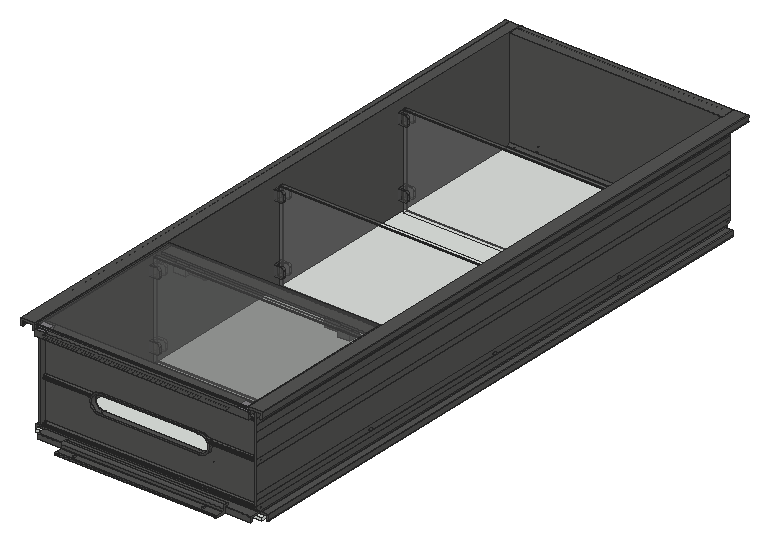
Revit family "Furniture-Shelf-KOHLER-Maxi_Space-K-77217T_1", category Casework, host Face, Revit 2021 (continued)
Definition of nested family "K-77217T"
  Lines and regions (in)
    symbolic lines, detail levels medium+fine
      curve 1: line (5.19685, 0, 5.15354) -> (5.19685, 0, 0.03543)
      curve 2: line (-5.19685, 0, 4.85433) -> (5.19685, 0, 4.85433)
      curve 3: line (-5.19685, 0, 4.83858) -> (5.19685, 0, 4.83858)
      curve 4: line (5.19685, 0, 5.1378) -> (-5.19685, 0, 5.1378)
      curve 5: line (5.19685, 0, 4.48379) -> (-5.19685, 0, 4.48379)
      curve 6: line (5.19685, 0, 4.31574) -> (-5.19685, 0, 4.31574)
      curve 7: line (5.19685, 0, 4.24849) -> (-5.19685, 0, 4.24849)
      curve 8: line (5.19685, 0, 4.23281) -> (-5.19685, 0, 4.23281)
      curve 9: line (5.19685, 0, 4.49948) -> (-5.19685, 0, 4.49948)
      curve 10: line (5.19685, 0, 2.71214) -> (-5.19685, 0, 2.71214)
      curve 11: line (5.19685, 0, 2.72782) -> (-5.19685, 0, 2.72782)
      curve 12: line (5.19685, 0, 2.64509) -> (-5.19685, 0, 2.64509)
      curve 13: line (5.19685, 0, 2.54427) -> (-5.19685, 0, 2.54427)
      curve 14: line (5.19685, 0, 2.47684) -> (-5.19685, 0, 2.47684)
      curve 15: line (5.19685, 0, 2.46115) -> (-5.19685, 0, 2.46115)
      curve 16: line (5.19685, 0, 0.6609) -> (0.7874, 0, 0.6609)
      curve 17: line (0.7874, 0, 0.64521) -> (5.19685, 0, 0.64521)
      curve 18: line (-5.19685, 0, 0.57979) -> (5.19685, 0, 0.57979)
      curve 19: line (5.19685, 0, 0.47778) -> (4.01575, 0, 0.47778)
      curve 20: line (0.7874, 0, 0.40991) -> (2.51969, 0, 0.40991)
      curve 21: line (0.7874, 0, 0.39422) -> (2.51969, 0, 0.39422)
      curve 22: line (5.27723, 0, 0.22441) -> (5.51181, 0, 0.22441)
      curve 23: line (5.2126, 0, 0.20472) -> (5.24803, 0, 0.20472)
      curve 24: arc (5.26196, 0, 0.21287) -> (5.26766, 0, 0.2212) -> (5.27723, 0, 0.22441) r 0.01588
      curve 25: arc (5.24803, 0, 0.20472) -> (5.25663, 0, 0.206) -> (5.26196, 0, 0.21287) r 0.01166
      curve 26: arc (5.19685, 0, 0.22047) -> (5.20146, 0, 0.20934) -> (5.2126, 0, 0.20472) r 0.01575
      curve 27: arc (5.2126, 0, 5.15354) -> (5.20146, 0, 5.14893) -> (5.19685, 0, 5.1378) r 0.01575
      curve 28: line (5.31496, 0, 4.42363) -> (5.31496, 0, 4.30747)
      curve 29: line (5.31496, 0, 1.11714) -> (5.31496, 0, 1.00098)
      curve 30: line (-4.01575, 0, 0.05118) -> (-5.19685, 0, 0.05118)
      curve 31: line (-3.93701, 0, 0.03543) -> (3.93701, 0, 0.03543)
      curve 32: line (4.01575, 0, 0.57979) -> (4.01575, 0, 0.04921)
      curve 33: line (2.51969, 0, 0.57979) -> (2.51969, 0, 0.04921)
      curve 34: line (4.01575, 0, 0.56102) -> (2.51969, 0, 0.56102)
      curve 35: line (2.51969, 0, 0.54952) -> (4.01575, 0, 0.54952)
      curve 36: line (4.01575, 0, 0.19488) -> (2.51969, 0, 0.19488)
      curve 37: line (4.01575, 0, 0.15551) -> (2.51969, 0, 0.15551)
      curve 38: line (2.51969, 0, 0.04921) -> (4.01575, 0, 0.04921)
      curve 39: line (2.51969, 0, 0.28115) -> (4.01575, 0, 0.28115)
      curve 40: line (2.51969, 0, 0.28933) -> (4.01575, 0, 0.28933)
      curve 41: line (4.01575, 0, 0.40991) -> (5.19685, 0, 0.40991)
      curve 42: line (2.51969, 0, 0.47533) -> (-2.51969, 0, 0.47533)
      curve 43: line (0.7874, 0, 0.6609) -> (0.7874, 0, 0.57979)
      curve 44: line (0.7874, 0, 0.47533) -> (0.7874, 0, 0.39422)
      curve 45: line (-5.19685, 0, 5.15354) -> (-5.19685, 0, 0.03543)
      curve 46: line (-5.19685, 0, 0.6609) -> (-0.7874, 0, 0.6609)
      curve 47: line (-0.7874, 0, 0.64521) -> (-5.19685, 0, 0.64521)
      curve 48: line (-5.19685, 0, 0.47778) -> (-4.01575, 0, 0.47778)
      curve 49: line (-0.7874, 0, 0.40991) -> (-2.51969, 0, 0.40991)
      curve 50: line (-0.7874, 0, 0.39422) -> (-2.51969, 0, 0.39422)
      curve 51: line (-5.27723, 0, 0.22441) -> (-5.51181, 0, 0.22441)
      curve 52: line (-5.2126, 0, 0.20472) -> (-5.24803, 0, 0.20472)
      curve 53: line (-5.31496, 0, 4.42363) -> (-5.31496, 0, 4.30747)
      curve 54: line (-5.31496, 0, 1.11714) -> (-5.31496, 0, 1.00098)
      curve 55: line (-4.01575, 0, 0.57979) -> (-4.01575, 0, 0.04921)
      curve 56: line (-2.51969, 0, 0.57979) -> (-2.51969, 0, 0.04921)
      curve 57: line (-4.01575, 0, 0.56102) -> (-2.51969, 0, 0.56102)
      curve 58: line (-2.51969, 0, 0.54952) -> (-4.01575, 0, 0.54952)
      curve 59: line (-4.01575, 0, 0.19488) -> (-2.51969, 0, 0.19488)
      curve 60: line (-4.01575, 0, 0.15551) -> (-2.51969, 0, 0.15551)
      curve 61: line (-2.51969, 0, 0.04921) -> (-4.01575, 0, 0.04921)
      curve 62: line (-2.51969, 0, 0.28115) -> (-4.01575, 0, 0.28115)
      curve 63: line (-2.51969, 0, 0.28933) -> (-4.01575, 0, 0.28933)
      curve 64: line (-4.01575, 0, 0.40991) -> (-5.19685, 0, 0.40991)
      curve 65: line (-0.7874, 0, 0.6609) -> (-0.7874, 0, 0.57979)
      curve 66: line (-0.7874, 0, 0.47533) -> (-0.7874, 0, 0.39422)
      curve 67: arc (-5.26417, 0, 0.21643) -> (-5.26958, 0, 0.22226) -> (-5.27723, 0, 0.22441) r 0.01468
      curve 68: arc (-5.24803, 0, 0.20472) -> (-5.2575, 0, 0.20865) -> (-5.26417, 0, 0.21643) r 0.02206
      curve 69: arc (-5.19685, 0, 0.22047) -> (-5.20146, 0, 0.20934) -> (-5.2126, 0, 0.20472) r 0.01575
      curve 70: line (5.31496, 0, 0.40945) -> (5.19685, 0, 0.40945)
      curve 71: line (-5.19685, 0, 0.39422) -> (-4.01575, 0, 0.39422)
      curve 72: line (-4.01575, 0, 0.30709) -> (-5.19685, 0, 0.30709)
      curve 73: line (-5.19685, 0, 0.29134) -> (-4.01575, 0, 0.29134)
      curve 74: line (-4.01575, 0, 0.23228) -> (-5.19685, 0, 0.23228)
      curve 75: line (-2.51969, 0, 0.05118) -> (2.51969, 0, 0.05118)
      curve 76: line (4.01575, 0, 0.05118) -> (5.19685, 0, 0.05118)
      curve 77: line (5.19685, 0, 4.41636) -> (-5.19685, 0, 4.41636)
      curve 78: line (-5.37479, 0, 4.42363) -> (-5.37479, 0, 4.30747)
      curve 79: line (-5.37479, 0, 1.11714) -> (-5.37479, 0, 1.00098)
      curve 80: line (5.37479, 0, 4.42363) -> (5.37479, 0, 4.30747)
      curve 81: line (5.37479, 0, 1.11714) -> (5.37479, 0, 1.00098)
      curve 82: arc (-5.2126, 0, 5.15354) -> (-5.20146, 0, 5.14893) -> (-5.19685, 0, 5.1378) r 0.01575
      curve 83: line (0, 14.76378, 5.1378) -> (0, -14.76378, 5.1378)
      curve 84: line (0, 14.76378, 4.85433) -> (0, -14.76378, 4.85433)
      curve 85: line (0, 14.37795, 4.50984) -> (0, -14.37795, 4.50984)
      curve 86: line (0, -14.37795, 4.49409) -> (0, 14.37795, 4.49409)
      curve 87: line (0, -14.37795, 4.23819) -> (0, 14.37795, 4.23819)
      curve 88: line (0, -14.37795, 4.22244) -> (0, 14.37795, 4.22244)
      curve 89: line (0, -7.61844, 4.37795) -> (0, -14.11115, 4.37795)
      curve 90: line (0, -14.11131, 4.35433) -> (0, -7.6185, 4.35433)
      curve 91: line (0, -14.11024, 4.36614) -> (0, -7.61965, 4.36614)
      curve 92: line (0, -14.25148, 4.37795) -> (0, -14.37795, 4.37795)
      curve 93: line (0, -14.25253, 4.36614) -> (0, -14.37795, 4.36614)
      curve 94: line (0, -14.37795, 4.35433) -> (0, -14.2516, 4.35433)
      curve 95: arc (0, -14.24221, 4.40211) -> (0, -14.11023, 4.3666) -> (0, -14.24221, 4.33108) r 0.07077
      curve 96: line (0, -14.37795, 3.90945) -> (0, 14.37795, 3.90945)
      curve 97: line (0, -14.37795, 3.8937) -> (0, 14.37795, 3.8937)
      curve 98: line (0, -9.16217, 3.70866) -> (0, -14.37795, 3.70866)
      curve 99: line (0, -14.37795, 3.68504) -> (0, -9.16213, 3.68504)
      curve 100: line (0, -14.37795, 3.69685) -> (0, -9.1628, 3.69685)
      curve 101: line (0, 14.37795, 3.5) -> (0, -14.37795, 3.5)
      curve 102: line (0, -14.37795, 3.48425) -> (0, 14.37795, 3.48425)
      curve 103: line (0, -14.37795, 2.73819) -> (0, 14.37795, 2.73819)
      curve 104: line (0, -14.37795, 2.72244) -> (0, 14.37795, 2.72244)
      curve 105: line (0, -14.25153, 2.6063) -> (0, -14.37795, 2.6063)
      curve 106: line (0, -14.25253, 2.59449) -> (0, -14.37795, 2.59449)
      curve 107: line (0, -14.37795, 2.58268) -> (0, -14.25155, 2.58268)
      curve 108: line (0, 14.11124, 2.6063) -> (0, -14.11124, 2.6063)
      curve 109: line (0, -14.11024, 2.59449) -> (0, 14.11024, 2.59449)
      curve 110: line (0, -14.11121, 2.58268) -> (0, 14.11121, 2.58268)
      curve 111: line (0, -14.37795, 2.46654) -> (0, 14.37795, 2.46654)
      curve 112: line (0, -14.37795, 2.45079) -> (0, 14.37795, 2.45079)
      curve 113: line (0, -14.37795, 1.20276) -> (0, 14.37795, 1.20276)
      curve 114: line (0, -14.37795, 1.18701) -> (0, 14.37795, 1.18701)
      curve 115: line (0, -7.61849, 1.07087) -> (0, -14.37795, 1.07087)
      curve 116: line (0, -7.61965, 1.05906) -> (0, -14.37795, 1.05906)
      curve 117: line (0, -14.37795, 1.04724) -> (0, -7.61845, 1.04724)
      curve 118: line (0, -14.37795, 0.91535) -> (0, 14.37795, 0.91535)
      curve 119: line (0, 14.37795, 0.65551) -> (0, -14.37795, 0.65551)
      curve 120: line (0, -14.25128, 0.53937) -> (0, -14.36623, 0.53937)
      curve 121: line (0, -14.25251, 0.52756) -> (0, -14.36152, 0.52756)
      curve 122: line (0, -14.35589, 0.51575) -> (0, -14.25178, 0.51575)
      curve 123: line (0, 14.11149, 0.53937) -> (0, -14.11073, 0.53937)
      curve 124: line (0, 14.11025, 0.52756) -> (0, -14.11024, 0.52756)
      curve 125: line (0, -14.11082, 0.51575) -> (0, 14.11099, 0.51575)
      curve 126: line (0, -14.14892, 0.39961) -> (0, 14.15036, 0.39961)
      curve 127: line (0, 14.12205, 0.33858) -> (0, -14.12205, 0.33858)
      curve 128: line (0, 14.12205, 0.32283) -> (0, -14.12205, 0.32283)
      curve 129: line (0, 14.12205, 0.30709) -> (0, -14.12205, 0.30709)
      curve 130: line (0, -14.12205, 0.1063) -> (0, -14.12205, 0.35039)
      curve 131: line (0, -14.34252, 0.22441) -> (0, -14.12205, 0.22441)
      curve 132: line (0, -14.6063, 0.10651) -> (0, -14.6063, 0.29134)
      curve 133: line (0, -14.42126, 0.29134) -> (0, -14.6063, 0.29134)
      curve 134: line (0, -14.12205, 0.05118) -> (0, 14.12205, 0.05118)
      curve 135: line (0, -5.09741, 4.37795) -> (0, -7.5009, 4.37795)
      curve 136: line (0, -5.09845, 4.36614) -> (0, -7.4997, 4.36614)
      curve 137: line (0, -7.50085, 4.35433) -> (0, -5.0971, 4.35433)
      curve 138: circle (0, -7.55967, 4.36601) r 0.05997 normal (-1, 0, 0)
      curve 139: circle (0, -7.55967, 4.36604) r 0.04178 normal (-1, 0, 0)
      curve 140: circle (0, 0, 4.36601) r 0.05997 normal (-1, 0, 0)
      curve 141: circle (0, 0, 4.36604) r 0.04178 normal (-1, 0, 0)
      curve 142: circle (0, 7.55967, 4.36601) r 0.05997 normal (1, 0, 0)
      curve 143: circle (0, 7.55967, 4.36604) r 0.04178 normal (1, 0, 0)
      curve 144: circle (0, 7.55967, 1.05916) r 0.05997 normal (1, 0, 0)
      curve 145: circle (0, 7.55967, 1.0592) r 0.04178 normal (1, 0, 0)
      curve 146: circle (0, -7.55967, 1.05916) r 0.05997 normal (-1, 0, 0)
      curve 147: circle (0, -7.55967, 1.0592) r 0.04178 normal (-1, 0, 0)
      curve 148: circle (0, 0, 1.05916) r 0.05997 normal (1, 0, 0)
      curve 149: circle (0, 0, 1.0592) r 0.04178 normal (1, 0, 0)
      curve 150: line (0, -14.76378, 4.83858) -> (0, 14.76378, 4.83858)
      curve 151: line (0, 14.25148, 4.37795) -> (0, 14.37795, 4.37795)
      curve 152: line (0, 14.25253, 4.36614) -> (0, 14.37795, 4.36614)
      curve 153: line (0, 14.2516, 4.35433) -> (0, 14.37795, 4.35433)
      curve 154: line (0, 14.11129, 4.37795) -> (0, 7.61692, 4.37795)
      curve 155: line (0, 7.61811, 4.36614) -> (0, 14.11024, 4.36614)
      curve 156: line (0, 7.61692, 4.35433) -> (0, 14.11116, 4.35433)
      curve 157: line (0, 14.25153, 2.6063) -> (0, 14.37795, 2.6063)
      curve 158: line (0, 14.25253, 2.59449) -> (0, 14.37795, 2.59449)
      curve 159: line (0, 14.25155, 2.58268) -> (0, 14.37795, 2.58268)
      curve 160: arc (0, 14.22981, 2.64654) -> (0, 14.11024, 2.59442) -> (0, 14.22981, 2.54229) r 0.07115
      curve 161: arc (0, 14.22981, 0.47396) -> (0, 14.11024, 0.52608) -> (0, 14.22981, 0.5782) r 0.07115
      curve 162: line (0, 14.12205, 0.35039) -> (0, 14.12205, 0.22441)
      curve 163: arc (0, 14.16435, 0.40541) -> (0, 14.13385, 0.38509) -> (0, 14.12205, 0.35039) r 0.05693
      curve 164: arc (0, 14.36149, 0.52756) -> (0, 14.32487, 0.47254) -> (0, 14.27264, 0.43204) r 0.20488
      curve 165: line (0, 14.36623, 0.53937) -> (0, 14.25088, 0.53937)
      curve 166: line (0, 14.25197, 0.52756) -> (0, 14.36149, 0.52756)
      curve 167: line (0, 14.25139, 0.51575) -> (0, 14.35589, 0.51575)
      curve 168: line (0, 14.36417, 0.2328) -> (0, 14.36417, 0.04921)
      curve 169: line (0, 7.61692, 1.07087) -> (0, 14.37795, 1.07087)
      curve 170: line (0, 7.61692, 1.04724) -> (0, 14.37795, 1.04724)
      curve 171: line (0, 7.61811, 1.05906) -> (0, 14.37795, 1.05906)
      curve 172: line (0, 7.50119, 1.07087) -> (0, 5.09718, 1.07087)
      curve 173: line (0, 5.09845, 1.05906) -> (0, 7.5, 1.05906)
      curve 174: line (0, 5.09733, 1.04724) -> (0, 7.50119, 1.04724)
      curve 175: line (0, 4.982, 1.07087) -> (0, 2.57729, 1.07087)
      curve 176: line (0, 2.57857, 1.05906) -> (0, 4.98072, 1.05906)
      curve 177: line (0, 2.57745, 1.04724) -> (0, 4.98184, 1.04724)
      curve 178: line (0, 2.46211, 1.07087) -> (0, 0.05786, 1.07087)
      curve 179: line (0, 0.05906, 1.05906) -> (0, 2.46083, 1.05906)
      curve 180: line (0, 0.05786, 1.04724) -> (0, 2.46196, 1.04724)
      curve 181: line (0, -0.05786, 1.07087) -> (0, -2.46211, 1.07087)
      curve 182: line (0, -2.46083, 1.05906) -> (0, -0.05906, 1.05906)
      curve 183: line (0, -2.46196, 1.04724) -> (0, -0.05786, 1.04724)
      curve 184: line (0, -2.57729, 1.07087) -> (0, -4.982, 1.07087)
      curve 185: line (0, -4.98072, 1.05906) -> (0, -2.57857, 1.05906)
      curve 186: line (0, -4.98184, 1.04724) -> (0, -2.57745, 1.04724)
      curve 187: line (0, -5.09718, 1.07087) -> (0, -7.50119, 1.07087)
      curve 188: line (0, -7.5, 1.05906) -> (0, -5.09845, 1.05906)
      curve 189: line (0, -7.50119, 1.04724) -> (0, -5.09733, 1.04724)
      curve 190: line (0, 8.94684, 3.70866) -> (0, -8.94684, 3.70866)
      curve 191: line (0, 8.94621, 3.69685) -> (0, -8.94621, 3.69685)
      curve 192: line (0, -8.94687, 3.68504) -> (0, 8.94687, 3.68504)
      curve 193: line (0, 14.37795, 3.70866) -> (0, 9.16217, 3.70866)
      curve 194: line (0, 9.16213, 3.68504) -> (0, 14.37795, 3.68504)
      curve 195: line (0, 9.1628, 3.69685) -> (0, 14.37795, 3.69685)
      curve 196: line (0, 14.37795, 0.9311) -> (0, -14.37795, 0.9311)
      curve 197: arc (0, -14.12205, 0.35039) -> (0, -14.13054, 0.38074) -> (0, -14.15354, 0.40228) r 0.05849
      curve 198: arc (0, -14.42126, 0.30315) -> (0, -14.42472, 0.2948) -> (0, -14.43307, 0.29134) r 0.01181
      curve 199: line (0, -14.79823, 5.02782) -> (0, -14.76378, 5.02782)
      curve 200: line (0, -14.76378, 4.93318) -> (0, -14.76378, 5.15354)
      curve 201: line (0, -14.77767, 5.02782) -> (0, -14.79823, 5.05148)
      curve 202: arc (0, -14.79019, 5.04223) -> (0, -14.77833, 5.05264) -> (0, -14.76378, 5.05873) r 0.04888
      curve 203: arc (0, -14.78872, 5.13576) -> (0, -14.77814, 5.1214) -> (0, -14.76378, 5.11082) r 0.05936
      curve 204: line (0, 7.50119, 4.37795) -> (0, 5.09741, 4.37795)
      curve 205: line (0, 5.09845, 4.36614) -> (0, 7.5, 4.36614)
      curve 206: line (0, 5.0971, 4.35433) -> (0, 7.50119, 4.35433)
      curve 207: line (0, 4.98177, 4.37795) -> (0, 2.57752, 4.37795)
      curve 208: line (0, 2.57856, 4.36614) -> (0, 4.98073, 4.36614)
      curve 209: line (0, 2.57721, 4.35433) -> (0, 4.98208, 4.35433)
      curve 210: line (0, 2.46188, 4.37795) -> (0, 0.05786, 4.37795)
      curve 211: line (0, 0.05906, 4.36614) -> (0, 2.46084, 4.36614)
      curve 212: line (0, 0.05786, 4.35433) -> (0, 2.46219, 4.35433)
      curve 213: line (0, -0.05786, 4.37795) -> (0, -2.46188, 4.37795)
      curve 214: line (0, -2.46084, 4.36614) -> (0, -0.05906, 4.36614)
      curve 215: line (0, -2.46219, 4.35433) -> (0, -0.05786, 4.35433)
      curve 216: line (0, -2.57752, 4.37795) -> (0, -4.98177, 4.37795)
      curve 217: line (0, -4.98073, 4.36614) -> (0, -2.57856, 4.36614)
      curve 218: line (0, -4.98208, 4.35433) -> (0, -2.57721, 4.35433)
      curve 219: line (0, -14.37795, 4.80379) -> (0, -14.37795, 4.83858)
      curve 220: line (0, 14.3622, 0.24393) -> (0, 14.3622, 0.05118)
      curve 221: arc (0, 14.3622, 0.05118) -> (0, 14.36135, 0.04694) -> (0, 14.35893, 0.04335) r 0.01099
      curve 222: arc (0, -14.24653, 2.62302) -> (0, -14.11025, 2.59564) -> (0, -14.24551, 2.56359) r 0.07115
      curve 223: line (2.51969, 14.76378, 0) -> (4.01575, 14.76378, 0)
      curve 224: line (5.19685, 14.74803, 0) -> (-5.19685, 14.74803, 0)
      curve 225: line (5.2126, -14.76378, 0) -> (5.2126, 14.76378, 0)
      curve 226: line (5.19685, 14.07087, 0) -> (-5.19685, 14.07087, 0)
      curve 227: line (-5.19685, 13.77953, 0) -> (5.19685, 13.77953, 0)
      curve 228: line (5.19685, 13.83858, 0) -> (-5.19685, 13.83858, 0)
      curve 229: line (5.19685, 13.93701, 0) -> (-5.19685, 13.93701, 0)
      curve 230: line (-5.2126, 14.76378, 0) -> (-5.2126, -14.76378, 0)
      curve 231: line (-3.07337, -14.88976, 0) -> (3.07337, -14.88976, 0)
      curve 232: line (3.07087, -14.90945, 0) -> (-3.07087, -14.90945, 0)
      curve 233: line (3.07337, -14.92913, 0) -> (-3.07337, -14.92913, 0)
      curve 234: line (3.22585, -14.88976, 0) -> (3.93701, -14.88976, 0)
      curve 235: line (3.93701, -14.90945, 0) -> (3.22835, -14.90945, 0)
      curve 236: line (3.93701, -14.92913, 0) -> (3.22585, -14.92913, 0)
      curve 237: line (-5.10884, -6.68554, 0) -> (-5.10884, -14.75886, 0)
      curve 238: line (-5.08915, -6.66831, 0) -> (-5.08915, -14.77854, 0)
      curve 239: line (-5.08915, -14.77854, 0) -> (5.18644, -14.77854, 0)
      curve 240: line (-3.93701, -14.88976, 0) -> (-3.22585, -14.88976, 0)
      curve 241: line (-3.22835, -14.90945, 0) -> (-3.93701, -14.90945, 0)
      curve 242: line (-3.93701, -14.92913, 0) -> (-3.22585, -14.92913, 0)
      curve 243: line (-3.93701, -14.79823, 0) -> (3.93701, -14.79823, 0)
      curve 244: arc (-5.10884, -14.75886, 0) -> (-5.09731, -14.7867, 0) -> (-5.06947, -14.79823, 0) r 0.03937
      curve 245: line (5.18644, -14.77854, 0) -> (5.18644, -6.66831, 0)
      curve 246: arc (5.2057, -14.76378, 0) -> (5.19275, -14.78838, 0) -> (5.16675, -14.79823, 0) r 0.03924
      curve 247: line (5.88976, -14.76378, 0) -> (5.88976, 14.76378, 0)
      curve 248: line (4.99405, 7.67028, 0) -> (-4.98282, 7.67028, 0)
      curve 249: line (-5.01407, 7.63903, 0) -> (5.0253, 7.63903, 0)
      curve 250: line (-5.01407, 7.63903, 0) -> (-5.01407, 7.46531, 0)
      curve 251: line (-4.98282, 7.67028, 0) -> (-5.01407, 7.63903, 0)
      curve 252: line (-5.01407, 7.46531, 0) -> (-4.98282, 7.43406, 0)
      curve 253: line (-5.06577, 7.43406, 0) -> (5.05759, 7.43406, 0)
      curve 254: line (-4.79302, 7.68406, 0) -> (-5.06385, 7.68406, 0)
      curve 255: line (-5.08435, 7.66355, 0) -> (-5.08435, 7.45263, 0)
      curve 256: arc (-5.06385, 7.68406, 0) -> (-5.07834, 7.67805, 0) -> (-5.08435, 7.66355, 0) r 0.0205
      curve 257: arc (-5.08435, 7.45263, 0) -> (-5.07891, 7.4395, 0) -> (-5.06577, 7.43406, 0) r 0.01858
      curve 258: line (-5.06935, 7.69906, 0) -> (-4.79036, 7.69906, 0)
      curve 259: line (-5.09935, 7.44906, 0) -> (-5.09935, 7.66906, 0)
      curve 260: line (-4.79556, 7.41906, 0) -> (-5.06935, 7.41906, 0)
      curve 261: arc (-5.09935, 7.66906, 0) -> (-5.09056, 7.69027, 0) -> (-5.06935, 7.69906, 0) r 0.03
      curve 262: arc (-5.06935, 7.41906, 0) -> (-5.09056, 7.42784, 0) -> (-5.09935, 7.44906, 0) r 0.03
      curve 263: line (-4.71223, 7.80906, 0) -> (-5.18185, 7.80906, 0)
      curve 264: line (-4.69685, 7.79406, 0) -> (-5.19685, 7.79406, 0)
      curve 265: line (-4.69685, 7.69705, 0) -> (-4.69685, 7.79367, 0)
      curve 266: arc (-4.69685, 7.79367, 0) -> (-4.70136, 7.80455, 0) -> (-4.71223, 7.80906, 0) r 0.01538
      curve 267: line (-4.82185, 7.68406, 0) -> (-4.82185, 7.80906, 0)
      curve 268: arc (-4.79302, 7.68406, 0) -> (-4.75185, 7.67369, 0) -> (-4.70975, 7.67921, 0) r 0.1133
      curve 269: arc (-4.70975, 7.67921, 0) -> (-4.70041, 7.68604, 0) -> (-4.69685, 7.69705, 0) r 0.01879
      curve 270: arc (-5.18185, 7.80906, 0) -> (-5.19246, 7.80466, 0) -> (-5.19685, 7.79406, 0) r 0.015
      curve 271: line (-5.18185, 7.80906, 0) -> (-5.18185, 7.30906, 0)
      curve 272: line (-5.19685, 7.32406, 0) -> (-4.69685, 7.32406, 0)
      curve 273: line (-4.69685, 7.42078, 0) -> (-4.69685, 7.32417, 0)
      curve 274: line (-4.82185, 7.43406, 0) -> (-4.82185, 7.30906, 0)
      curve 275: arc (-4.79556, 7.41906, 0) -> (-4.74631, 7.43083, 0) -> (-4.69685, 7.41996, 0) r 0.1133
      curve 276: line (-5.18185, 7.30906, 0) -> (-4.71197, 7.30906, 0)
      curve 277: arc (-4.69685, 7.32417, 0) -> (-4.70128, 7.31348, 0) -> (-4.71197, 7.30906, 0) r 0.01512
      curve 278: arc (-4.69685, 7.42078, 0) -> (-4.70173, 7.43117, 0) -> (-4.71284, 7.43406, 0) r 0.0135
      curve 279: line (-5.19685, -14.05512, 0) -> (-5.10884, -14.05512, 0)
      curve 280: line (5.16675, -6.64862, 0) -> (-5.07192, -6.64862, 0)
      curve 281: line (5.18644, -6.66831, 0) -> (-5.08915, -6.66831, 0)
      curve 282: arc (-5.07192, -6.64862, 0) -> (-5.09803, -6.65944, 0) -> (-5.10884, -6.68554, 0) r 0.03692
      curve 283: arc (5.19685, -6.66327, 0) -> (5.18349, -6.65248, 0) -> (5.16675, -6.64862, 0) r 0.03824
      curve 284: line (-5.01407, 7.46531, 0) -> (5.0253, 7.46531, 0)
      curve 285: line (-5.19685, -14.76378, 0) -> (-5.19685, 14.76378, 0)
      curve 286: line (5.19685, 14.76378, 0) -> (5.19685, -14.76378, 0)
      curve 287: line (-4.01575, 14.76378, 0) -> (-2.51969, 14.76378, 0)
      curve 288: arc (-5.19685, 7.32406, 0) -> (-5.19246, 7.31345, 0) -> (-5.18185, 7.30906, 0) r 0.015
      curve 289: arc (-4.79036, 7.69906, 0) -> (-4.7438, 7.68883, 0) -> (-4.69685, 7.69705, 0) r 0.12319
      curve 290: line (4.79302, 7.68406, 0) -> (5.06385, 7.68406, 0)
      curve 291: line (5.08435, 7.66355, 0) -> (5.08435, 7.46081, 0)
      curve 292: arc (5.06385, 7.68406, 0) -> (5.07834, 7.67805, 0) -> (5.08435, 7.66355, 0) r 0.0205
      curve 293: line (5.06935, 7.69906, 0) -> (4.79036, 7.69906, 0)
      curve 294: line (5.09935, 7.44906, 0) -> (5.09935, 7.66906, 0)
      curve 295: line (4.79556, 7.41906, 0) -> (5.06935, 7.41906, 0)
      curve 296: arc (5.09935, 7.66906, 0) -> (5.09056, 7.69027, 0) -> (5.06935, 7.69906, 0) r 0.03
      curve 297: arc (5.06935, 7.41906, 0) -> (5.09056, 7.42784, 0) -> (5.09935, 7.44906, 0) r 0.03
      curve 298: line (4.71223, 7.80906, 0) -> (5.18185, 7.80906, 0)
      curve 299: line (4.69685, 7.79406, 0) -> (5.19685, 7.79406, 0)
      curve 300: line (4.69685, 7.69705, 0) -> (4.69685, 7.79406, 0)
      curve 301: line (4.82185, 7.68406, 0) -> (4.82185, 7.80906, 0)
      curve 302: arc (4.79302, 7.68406, 0) -> (4.75185, 7.67369, 0) -> (4.70975, 7.67921, 0) r 0.1133
      curve 303: arc (5.18185, 7.80906, 0) -> (5.19246, 7.80466, 0) -> (5.19685, 7.79406, 0) r 0.015
      curve 304: line (5.18185, 7.80906, 0) -> (5.18185, 7.30906, 0)
      curve 305: line (5.19685, 7.32406, 0) -> (4.69685, 7.32406, 0)
      curve 306: line (4.69685, 7.42078, 0) -> (4.69685, 7.32406, 0)
      curve 307: line (4.82185, 7.43406, 0) -> (4.82185, 7.30906, 0)
      curve 308: arc (4.79556, 7.41906, 0) -> (4.74631, 7.43083, 0) -> (4.69685, 7.41996, 0) r 0.1133
      curve 309: line (5.18185, 7.30906, 0) -> (4.71197, 7.30906, 0)
      curve 310: arc (4.69685, 7.42078, 0) -> (4.70173, 7.43117, 0) -> (4.71284, 7.43406, 0) r 0.0135
      curve 311: arc (5.19685, 7.32406, 0) -> (5.19246, 7.31345, 0) -> (5.18185, 7.30906, 0) r 0.015
      curve 312: arc (4.79036, 7.69906, 0) -> (4.7438, 7.68883, 0) -> (4.69685, 7.69705, 0) r 0.12319
      curve 313: line (5.18644, -14.76378, 0) -> (5.21923, -14.76378, 0)
      curve 314: arc (4.69685, 7.79406, 0) -> (4.70149, 7.80468, 0) -> (4.71223, 7.80906, 0) r 0.01539
      curve 315: arc (4.70975, 7.67921, 0) -> (4.70041, 7.68604, 0) -> (4.69685, 7.69705, 0) r 0.01879
      curve 316: arc (4.71197, 7.30906, 0) -> (4.70132, 7.31344, 0) -> (4.69685, 7.32406, 0) r 0.01512
      curve 317: line (4.99405, 7.67028, 0) -> (5.0253, 7.63903, 0)
      curve 318: line (5.0253, 7.63903, 0) -> (5.0253, 7.46531, 0)
      curve 319: line (4.99405, 7.43406, 0) -> (5.0253, 7.46531, 0)
      curve 320: arc (5.08435, 7.46081, 0) -> (5.07651, 7.44189, 0) -> (5.05759, 7.43406, 0) r 0.02676
      curve 321: line (4.99405, 0.11122, 0) -> (-4.98282, 0.11122, 0)
      curve 322: line (-5.01407, 0.07997, 0) -> (5.0253, 0.07997, 0)
      curve 323: line (-5.01407, 0.07997, 0) -> (-5.01407, -0.09375, 0)
      curve 324: line (-4.98282, 0.11122, 0) -> (-5.01407, 0.07997, 0)
      curve 325: line (-5.01407, -0.09375, 0) -> (-4.98282, -0.125, 0)
      curve 326: line (-5.06577, -0.125, 0) -> (5.05759, -0.125, 0)
      curve 327: line (-4.79302, 0.125, 0) -> (-5.06385, 0.125, 0)
      curve 328: line (-5.08435, 0.1045, 0) -> (-5.08435, -0.10642, 0)
      curve 329: arc (-5.06385, 0.125, 0) -> (-5.07834, 0.11899, 0) -> (-5.08435, 0.1045, 0) r 0.0205
      curve 330: arc (-5.08435, -0.10642, 0) -> (-5.07891, -0.11956, 0) -> (-5.06577, -0.125, 0) r 0.01858
      curve 331: line (-5.06935, 0.14, 0) -> (-4.79036, 0.14, 0)
      curve 332: line (-5.09935, -0.11, 0) -> (-5.09935, 0.11, 0)
      curve 333: line (-4.79556, -0.14, 0) -> (-5.06935, -0.14, 0)
      curve 334: arc (-5.09935, 0.11, 0) -> (-5.09056, 0.13121, 0) -> (-5.06935, 0.14, 0) r 0.03
      curve 335: arc (-5.06935, -0.14, 0) -> (-5.09056, -0.13121, 0) -> (-5.09935, -0.11, 0) r 0.03
      curve 336: line (-4.71223, 0.25, 0) -> (-5.18185, 0.25, 0)
      curve 337: line (-4.69685, 0.235, 0) -> (-5.19685, 0.235, 0)
      curve 338: line (-4.69685, 0.138, 0) -> (-4.69685, 0.23462, 0)
      curve 339: arc (-4.69685, 0.23462, 0) -> (-4.70136, 0.24549, 0) -> (-4.71223, 0.25, 0) r 0.01538
      curve 340: line (-4.82185, 0.125, 0) -> (-4.82185, 0.25, 0)
      curve 341: arc (-4.79302, 0.125, 0) -> (-4.75185, 0.11464, 0) -> (-4.70975, 0.12016, 0) r 0.1133
      curve 342: arc (-4.70975, 0.12016, 0) -> (-4.70041, 0.12699, 0) -> (-4.69685, 0.138, 0) r 0.01879
      curve 343: arc (-5.18185, 0.25, 0) -> (-5.19246, 0.24561, 0) -> (-5.19685, 0.235, 0) r 0.015
      curve 344: line (-5.18185, 0.25, 0) -> (-5.18185, -0.25, 0)
      curve 345: line (-5.19685, -0.235, 0) -> (-4.69685, -0.235, 0)
      curve 346: line (-4.69685, -0.13827, 0) -> (-4.69685, -0.23488, 0)
      curve 347: line (-4.82185, -0.125, 0) -> (-4.82185, -0.25, 0)
      curve 348: arc (-4.79556, -0.14, 0) -> (-4.74631, -0.12823, 0) -> (-4.69685, -0.13909, 0) r 0.1133
      curve 349: line (-5.18185, -0.25, 0) -> (-4.71197, -0.25, 0)
      curve 350: arc (-4.69685, -0.23488, 0) -> (-4.70128, -0.24557, 0) -> (-4.71197, -0.25, 0) r 0.01512
      curve 351: arc (-4.69685, -0.13827, 0) -> (-4.70173, -0.12788, 0) -> (-4.71284, -0.125, 0) r 0.0135
      curve 352: line (-5.01407, -0.09375, 0) -> (5.0253, -0.09375, 0)
      curve 353: arc (-5.19685, -0.235, 0) -> (-5.19246, -0.24561, 0) -> (-5.18185, -0.25, 0) r 0.015
      curve 354: arc (-4.79036, 0.14, 0) -> (-4.7438, 0.12978, 0) -> (-4.69685, 0.138, 0) r 0.12319
      curve 355: line (4.79302, 0.125, 0) -> (5.06385, 0.125, 0)
      curve 356: line (5.08435, 0.1045, 0) -> (5.08435, -0.09824, 0)
      curve 357: arc (5.06385, 0.125, 0) -> (5.07834, 0.11899, 0) -> (5.08435, 0.1045, 0) r 0.0205
      curve 358: line (5.06935, 0.14, 0) -> (4.79036, 0.14, 0)
      curve 359: line (5.09935, -0.11, 0) -> (5.09935, 0.11, 0)
      curve 360: line (4.79556, -0.14, 0) -> (5.06935, -0.14, 0)
      curve 361: arc (5.09935, 0.11, 0) -> (5.09056, 0.13121, 0) -> (5.06935, 0.14, 0) r 0.03
      curve 362: arc (5.06935, -0.14, 0) -> (5.09056, -0.13121, 0) -> (5.09935, -0.11, 0) r 0.03
      curve 363: line (4.71223, 0.25, 0) -> (5.18185, 0.25, 0)
      curve 364: line (4.69685, 0.235, 0) -> (5.19685, 0.235, 0)
      curve 365: line (4.69685, 0.138, 0) -> (4.69685, 0.235, 0)
      curve 366: line (4.82185, 0.125, 0) -> (4.82185, 0.25, 0)
      curve 367: arc (4.79302, 0.125, 0) -> (4.75185, 0.11464, 0) -> (4.70975, 0.12016, 0) r 0.1133
      curve 368: arc (5.18185, 0.25, 0) -> (5.19246, 0.24561, 0) -> (5.19685, 0.235, 0) r 0.015
      curve 369: line (5.18185, 0.25, 0) -> (5.18185, -0.25, 0)
      curve 370: line (5.19685, -0.235, 0) -> (4.69685, -0.235, 0)
      curve 371: line (4.69685, -0.13827, 0) -> (4.69685, -0.235, 0)
      curve 372: line (4.82185, -0.125, 0) -> (4.82185, -0.25, 0)
      curve 373: arc (4.79556, -0.14, 0) -> (4.74631, -0.12823, 0) -> (4.69685, -0.13909, 0) r 0.1133
      curve 374: line (5.18185, -0.25, 0) -> (4.71197, -0.25, 0)
      curve 375: arc (4.69685, -0.13827, 0) -> (4.70173, -0.12788, 0) -> (4.71284, -0.125, 0) r 0.0135
      curve 376: arc (5.19685, -0.235, 0) -> (5.19246, -0.24561, 0) -> (5.18185, -0.25, 0) r 0.015
      curve 377: arc (4.79036, 0.14, 0) -> (4.7438, 0.12978, 0) -> (4.69685, 0.138, 0) r 0.12319
      curve 378: arc (4.69685, 0.235, 0) -> (4.70149, 0.24563, 0) -> (4.71223, 0.25, 0) r 0.01539
      curve 379: arc (4.70975, 0.12016, 0) -> (4.70041, 0.12699, 0) -> (4.69685, 0.138, 0) r 0.01879
      curve 380: arc (4.71197, -0.25, 0) -> (4.70132, -0.24561, 0) -> (4.69685, -0.235, 0) r 0.01512
      curve 381: line (4.99405, 0.11122, 0) -> (5.0253, 0.07997, 0)
      curve 382: line (5.0253, 0.07997, 0) -> (5.0253, -0.09375, 0)
      curve 383: line (4.99405, -0.125, 0) -> (5.0253, -0.09375, 0)
      curve 384: arc (5.08435, -0.09824, 0) -> (5.07651, -0.11716, 0) -> (5.05759, -0.125, 0) r 0.02676
      curve 385: line (-5.88976, 14.76378, 0) -> (-5.88976, -14.76378, 0)
      curve 386: line (-5.11874, -7.30906, 0) -> (-5.19685, -7.30906, 0)
      curve 387: line (-5.19685, -7.80906, 0) -> (-5.11874, -7.80906, 0)
      curve 388: arc (-5.10884, -7.32025, 0) -> (-5.11127, -7.31242, 0) -> (-5.11874, -7.30906, 0) r 0.00997
      curve 389: line (-5.11874, -7.30906, 0) -> (-5.11874, -7.80906, 0)
      curve 390: arc (-5.11874, -7.80906, 0) -> (-5.11078, -7.80522, 0) -> (-5.10884, -7.7966, 0) r 0.01016
      curve 391: line (-5.10884, -7.32025, 0) -> (-5.19685, -7.32025, 0)
      curve 392: line (-5.10884, -7.7966, 0) -> (-5.19685, -7.7966, 0)
      curve 393: arc (0, 14.22981, 4.4179) -> (0, 14.11024, 4.36577) -> (0, 14.22981, 4.31365) r 0.07115
      curve 394: arc (0, -14.24353, 0.56072) -> (0, -14.11022, 0.52564) -> (0, -14.24395, 0.49222) r 0.07115
      curve 395: arc (0, 14.24852, 0.54964) -> (0, 14.25196, 0.52783) -> (0, 14.2496, 0.50589) r 0.08393
      curve 396: circle (3.14961, -14.90945, 0) r 0.07874 normal (0, 0, -1)
      curve 397: circle (-3.14961, -14.90945, 0) r 0.07874 normal (0, 0, 1)
      curve 398: line (0, 14.36417, 0.30512) -> (0, 14.36417, 0.22925)
      curve 399: line (0, 14.20826, 0.30512) -> (0, 14.36417, 0.30512)
      curve 400: line (0, 14.27264, 0.43204) -> (0, 14.19276, 0.3388)
      curve 401: line (0, 14.15354, 0.3112) -> (0, 14.15354, 0.39422)
      curve 402: line (0, 14.30388, 0.29134) -> (0, 14.1734, 0.29134)
      curve 403: arc (0, 14.27264, 0.43204) -> (0, 14.22749, 0.41464) -> (0, 14.1794, 0.40933) r 0.18807
      curve 404: arc (0, 14.1794, 0.40933) -> (0, 14.16435, 0.40541) -> (0, 14.15354, 0.39422) r 0.02875
      curve 405: arc (0, 14.1734, 0.29134) -> (0, 14.15936, 0.29716) -> (0, 14.15354, 0.3112) r 0.01986
      curve 406: arc (0, 14.19276, 0.3388) -> (0, 14.18972, 0.317) -> (0, 14.20826, 0.30512) r 0.02041
      curve 407: arc (0, 14.22981, 4.31365) -> (0, 14.25253, 4.36577) -> (0, 14.22981, 4.4179) r 0.07115
      curve 408: arc (0, 14.199, 4.42304) -> (0, 14.12285, 4.3691) -> (0, 14.19332, 4.30792) r 0.05932
      curve 409: arc (0, 14.199, 4.42304) -> (0, 14.21425, 4.41951) -> (0, 14.22981, 4.4179) r 0.12664
      curve 410: arc (0, 14.19332, 4.30792) -> (0, 14.21151, 4.3111) -> (0, 14.22981, 4.31365) r 0.53743
      curve 411: arc (0, 14.22981, 2.54229) -> (0, 14.25253, 2.59442) -> (0, 14.22981, 2.64654) r 0.07115
      curve 412: arc (0, 14.199, 2.65168) -> (0, 14.12285, 2.59774) -> (0, 14.19332, 2.53656) r 0.05932
      curve 413: arc (0, 14.199, 2.65168) -> (0, 14.21425, 2.64816) -> (0, 14.22981, 2.64654) r 0.12664
      curve 414: arc (0, 14.19332, 2.53656) -> (0, 14.21151, 2.53974) -> (0, 14.22981, 2.54229) r 0.53743
      curve 415: arc (0, 14.199, 0.58334) -> (0, 14.12285, 0.5294) -> (0, 14.19332, 0.46822) r 0.05932
      curve 416: arc (0, 14.199, 0.58334) -> (0, 14.21425, 0.57982) -> (0, 14.22981, 0.5782) r 0.12664
      curve 417: arc (0, 14.19332, 0.46822) -> (0, 14.21151, 0.4714) -> (0, 14.22981, 0.47396) r 0.53743
      curve 418: arc (0, -14.22981, 4.31365) -> (0, -14.25253, 4.36577) -> (0, -14.22981, 4.4179) r 0.07115
      curve 419: arc (0, -14.199, 4.42304) -> (0, -14.12285, 4.3691) -> (0, -14.19332, 4.30792) r 0.05932
      curve 420: arc (0, -14.199, 4.42304) -> (0, -14.21425, 4.41951) -> (0, -14.22981, 4.4179) r 0.12664
      curve 421: arc (0, -14.19332, 4.30792) -> (0, -14.21151, 4.3111) -> (0, -14.22981, 4.31365) r 0.53743
      curve 422: arc (0, -14.24551, 2.56359) -> (0, -14.25252, 2.59319) -> (0, -14.24653, 2.62302) r 0.07115
      curve 423: arc (0, -14.21855, 2.64162) -> (0, -14.12278, 2.59494) -> (0, -14.21836, 2.54786) r 0.05932
      curve 424: arc (0, -14.24395, 0.49222) -> (0, -14.25253, 0.52652) -> (0, -14.24353, 0.56072) r 0.07115
      curve 425: arc (0, -14.199, 0.58334) -> (0, -14.12307, 0.52053) -> (0, -14.21, 0.47412) r 0.05932
      curve 426: arc (0, 9.1628, 3.69701) -> (0, 9.0545, 3.8053) -> (0, 8.94621, 3.69701) r 0.10829
      curve 427: arc (0, 8.94621, 3.69701) -> (0, 9.0545, 3.58871) -> (0, 9.1628, 3.69701) r 0.10829
      curve 428: arc (0, 5.09846, 4.36688) -> (0, 5.03959, 4.42575) -> (0, 4.98072, 4.36688) r 0.05887
      curve 429: arc (0, 4.98072, 4.36688) -> (0, 5.03959, 4.30802) -> (0, 5.09846, 4.36688) r 0.05887
      curve 430: arc (0, 2.57857, 4.36688) -> (0, 2.5197, 4.42575) -> (0, 2.46083, 4.36688) r 0.05887
      curve 431: arc (0, 2.46083, 4.36688) -> (0, 2.5197, 4.30802) -> (0, 2.57857, 4.36688) r 0.05887
      curve 432: arc (0, 5.09846, 1.05868) -> (0, 5.03959, 1.11755) -> (0, 4.98072, 1.05868) r 0.05887
      curve 433: arc (0, 4.98072, 1.05868) -> (0, 5.03959, 0.99981) -> (0, 5.09846, 1.05868) r 0.05887
      curve 434: arc (0, 2.57857, 1.05868) -> (0, 2.5197, 1.11755) -> (0, 2.46083, 1.05868) r 0.05887
      curve 435: arc (0, 2.46083, 1.05868) -> (0, 2.5197, 0.99981) -> (0, 2.57857, 1.05868) r 0.05887
      curve 436: arc (0, -2.46083, 1.05868) -> (0, -2.5197, 1.11755) -> (0, -2.57857, 1.05868) r 0.05887
      curve 437: arc (0, -2.57857, 1.05868) -> (0, -2.5197, 0.99981) -> (0, -2.46083, 1.05868) r 0.05887
      curve 438: arc (0, -4.98072, 1.05868) -> (0, -5.03959, 1.11755) -> (0, -5.09846, 1.05868) r 0.05887
      curve 439: arc (0, -5.09846, 1.05868) -> (0, -5.03959, 0.99981) -> (0, -4.98072, 1.05868) r 0.05887
      curve 440: arc (0, -4.98072, 4.36688) -> (0, -5.03959, 4.42575) -> (0, -5.09846, 4.36688) r 0.05887
      curve 441: arc (0, -5.09846, 4.36688) -> (0, -5.03959, 4.30802) -> (0, -4.98072, 4.36688) r 0.05887
      curve 442: arc (0, -2.46083, 4.36688) -> (0, -2.5197, 4.42575) -> (0, -2.57857, 4.36688) r 0.05887
      curve 443: arc (0, -2.57857, 4.36688) -> (0, -2.5197, 4.30802) -> (0, -2.46083, 4.36688) r 0.05887
      curve 444: arc (0, -8.94621, 3.69701) -> (0, -9.0545, 3.8053) -> (0, -9.1628, 3.69701) r 0.10829
      curve 445: arc (0, -9.1628, 3.69701) -> (0, -9.0545, 3.58871) -> (0, -8.94621, 3.69701) r 0.10829
      curve 446: arc (0, 14.36417, 0.22925) -> (0, 14.34716, 0.27304) -> (0, 14.30388, 0.29134) r 0.06032
      curve 447: arc (0, -14.24653, 2.62302) -> (0, -14.23219, 2.6318) -> (0, -14.21855, 2.64162) r 0.22474
      curve 448: arc (0, -14.21836, 2.54786) -> (0, -14.23141, 2.55663) -> (0, -14.24551, 2.56359) r 0.11892
      curve 449: arc (0, -14.199, 0.58334) -> (0, -14.22062, 0.57076) -> (0, -14.24353, 0.56072) r 0.21863
      curve 450: arc (0, -14.24395, 0.49222) -> (0, -14.22507, 0.48676) -> (0, -14.21, 0.47412) r 0.04756
      curve 451: arc (0, 14.22072, 0.56299) -> (0, 14.12735, 0.52609) -> (0, 14.22239, 0.49374) r 0.05348
      curve 452: arc (0, 14.22239, 0.49374) -> (0, 14.23454, 0.50308) -> (0, 14.2496, 0.50589) r 0.03284
      curve 453: arc (0, 14.22981, 0.5782) -> (0, 14.2409, 0.56506) -> (0, 14.24852, 0.54964) r 0.07115
      curve 454: arc (0, 14.22072, 0.56299) -> (0, 14.23328, 0.55354) -> (0, 14.24852, 0.54964) r 0.04014
      curve 455: arc (0, 14.22981, 0.47396) -> (0, 14.24185, 0.48859) -> (0, 14.2496, 0.50589) r 0.07115
  Dimensions and locks (in)
    plane 8 to level = 5.15354"
    plane 5 to plane 4 = 29.9626"
    plane 9 to plane 4 = 29.62008"
    plane 10 to plane 9 = 29.52756"
    plane 7 to plane 6 = 11.81102"
    plane 11 to plane 12 = 10.4252"
    aligned and locked: plane 2 to level
